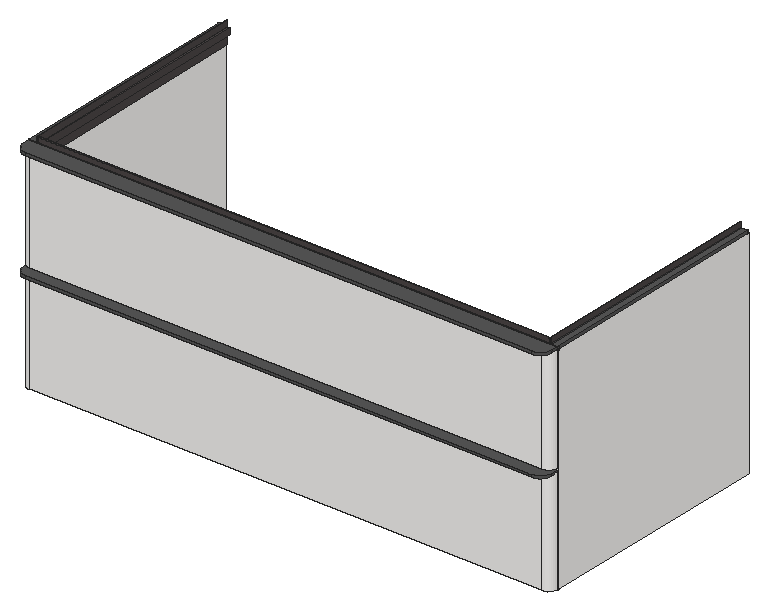
Revit family "vanity unit with 2 drawers for consoles with bowl", category Furniture, Revit 2019 (continued)
Definition of nested family "vanity unit 1180_550 with 2 drawers for consoles with bowl-54082000-high gloss white-chrome-200_content"
  Forms (mm)
    Extrusion 7, solid, visible <- "ContentVisible", detail levels medium+fine
      sketch origin (0, 0, 480) x (1, 0, 0) y (0, 1, 0)
        loop
          line (574, 0) -> (574, -530) -> (590, -530) -> (590, 0) -> (574, 0)
      from 0 to 5
    Extrusion 8, solid, visible <- "ContentVisible", detail levels medium+fine
      sketch origin (0, 0, 0) x (1, 0, 0) y (0, 0, -1)
        loop
          line (-572.5, -447) -> (-572.5, -496) -> (-566.4, -496) -> (-566.4, -447) -> (-572.5, -447)
      from -528.5 to 0
    Extrusion 9, solid, visible <- "ContentVisible", detail levels medium+fine
      sketch origin (0, 0, 0) x (1, 0, 0) y (0, 0, -1)
        loop
          line (566.4, -447) -> (566.4, -496) -> (572.5, -496) -> (572.5, -447) -> (566.4, -447)
      from -528.5 to 0
    Extrusion 10, solid, visible <- "ContentVisible", detail levels medium+fine
      sketch origin (0, 0, 0) x (0, 0, -1) y (0, 1, 0)
        loop
          line (-496, -528.5) -> (-447, -528.5) -> (-447, -522.4) -> (-496, -522.4) -> (-496, -528.5)
      from -572.5 to 572.5
    Extrusion 11, solid, visible <- "ContentVisible", detail levels coarse
      sketch origin (0, -285.5, 0) x (1, 0, 0) y (0, 1, 0)
        loop
          line (-590, -285.5) -> (590, -285.5) -> (590, 285.5) -> (-590, 285.5) -> (-590, -285.5)
      from 0 to 496
  Dimensions and locks
    aligned and locked: level to plane 2
Definition of nested family "vanity unit 1180_550 with 2 drawers for consoles with bowl-54082000-high gloss white-chrome-400_content"
  Parameters (values of type "Vanity unit 1180_550 with 2 drawers for consoles with bowl-54082000-High Gloss White-CHROME-400_Content")
    etim7_EC011381 = "EC011381"
    WEIGHT = "42.7"
    UNSPSC = "56 | Furniture and Furnishings"
    UNIFORMATII = "E2010 | Fixed Furnishings"
    UNICLASS_2015_CODE = "40_30_78_05"
    UNICLASS2015 = "Pr_40_30_78_05 | Bathroom furniture"
    SURFACE = "CHROME"
    REGIONSET = "Worldwide"
    PRODUCTURL = "https://pro.hansgrohe.com/articledetail--54082000"
    PRODUCTGROUP = "vanity unit"
    PRODUCTFAMILY = "Xelu Q"
    PERMALINK = "54082XXX"
    OMNICLASS = "23-21 19 15 33 13 | Residential Bathroom Specialty Casework"
    OBJECTTYPE = "Object (single object)"
    OBERFLAECHE = "High Gloss White"
    NN = "Vanity unit with 2 drawers for consoles with bowl"
    NBSYN = "$BASENUMBER.-$ARTNR.-$OBERFLAECHE.-$SURFACE.-$LODLEVEL."
    NB = "Vanity unit 1180/550 with 2 drawers for consoles with bowl-54082000-High Gloss White-CHROME-400"
    NAME = "Xelu Q Vanity unit High Gloss White 1180/550 with 2 drawers for consoles with bowl"
    Model = "Vanity unit 1180/550 with 2 drawers for consoles with bowl-54082000-High Gloss White-CHROME-400"
    Manufacturer = "Hansgrohe"
    MASTERFORMAT = "12 35 30.23 | Bathroom Casework"
    LODLEVEL = "400"
    LINA = "Vanity unit 1180/550 with 2 drawers for consoles with bowl-54082000-High Gloss White-CHROME-400"
    L = 1180
    IFC = "Furnishing element"
    GTINCODE = "4059625456699"
    ETIM = "EC011381 | Bathroom furniture set"
    Default Elevation = 1219.2 mm
    DESIGN = "Germany"
    ContentVisible [instance] = yes
    CATALOG = "Hansgrohe"
    BIMOBJECT = "Sanitary: Compound units"
    BASENUMBER = "Vanity unit 1180/550 with 2 drawers for consoles with bowl"
    ARTNR = "54082000"
  Reference planes
    plane 1 "Center (Front/Back)": y = 0
    plane 2: z = 0
    plane 3 "Center (Left/Right)": x = 0
  Forms (mm)
    Extrusion 1, solid, visible <- "ContentVisible", detail levels medium+fine
      sketch origin (0, 0, 0) x (1, 0, 0) y (0, 1, 0)
        loop
          line (-590, 0) -> (-590, -527)
          arc (-590, -527) -> (-589.121, -529.121) -> (-587, -530) r 3
          line (-587, -530) -> (-574, -530) -> (-574, 0) -> (-590, 0)
      from 0 to 480
    Extrusion 2, solid, visible <- "ContentVisible", detail levels medium+fine
      sketch origin (0, 0, 0) x (1, 0, 0) y (0, 1, 0)
        loop
          line (-574, -133) -> (-574, -499.5) -> (574, -499.5) -> (574, -133) -> (-574, -133)
      from 0 to 16
    Extrusion 3, solid, visible <- "ContentVisible", detail levels medium+fine
      sketch origin (0, 0, 0) x (1, 0, 0) y (0, 1, 0)
        loop
          line (574, 0) -> (574, -530) -> (587, -530)
          arc (587, -530) -> (589.121, -529.121) -> (590, -527) r 3
          line (590, -527) -> (590, 0) -> (574, 0)
      from 0 to 480
    Extrusion 4, solid, visible <- "ContentVisible", detail levels medium+fine
      sketch origin (0, 0, 0) x (1, 0, 0) y (0, 1, 0)
        loop
          line (-574, -117) -> (-574, -133) -> (574, -133) -> (574, -117) -> (-574, -117)
      from 0 to 126
    Extrusion 5, solid, visible <- "ContentVisible", detail levels medium+fine
      sketch origin (0, 0, 2) x (1, 0, 0) y (0, 1, 0)
        loop
          arc (-590, -532) -> (-584.435, -545.435) -> (-571, -551) r 19
          line (-571, -551) -> (571, -551)
          arc (571, -551) -> (584.435, -545.435) -> (590, -532) r 19
          line (590, -532) -> (590, -530) -> (-590, -530) -> (-590, -532)
      from 0 to 234
    Extrusion 6, solid, visible <- "ContentVisible", detail levels medium+fine
      sketch origin (0, 0, 234) x (1, 0, 0) y (0, 1, 0)
        loop
          line (-588.5, -530) -> (-588.5, -546)
          arc (-588.5, -546) -> (-581.178, -563.678) -> (-563.5, -571) r 25
          line (-563.5, -571) -> (563.5, -571)
          arc (563.5, -571) -> (581.178, -563.678) -> (588.5, -546) r 25
          line (588.5, -546) -> (588.5, -530) -> (568.5, -530) -> (568.5, -528.5) -> (-568.5, -528.5) -> (-568.5, -530) -> (-588.5, -530)
      from 0 to 5
    Extrusion 7, solid, visible <- "ContentVisible", detail levels medium+fine
      sketch origin (0, 0, 0) x (0, 0, -1) y (0, 1, 0)
        loop
          line (-239, -528.5) -> (-239, -530) -> (-209, -530) -> (-209, -528.5) -> (-239, -528.5)
      from -568.5 to 568.5
    Extrusion 8, solid, visible <- "ContentVisible", detail levels medium+fine
      sketch origin (0, 0, 245) x (1, 0, 0) y (0, 1, 0)
        loop
          arc (-590, -532) -> (-584.435, -545.435) -> (-571, -551) r 19
          line (-571, -551) -> (571, -551)
          arc (571, -551) -> (584.435, -545.435) -> (590, -532) r 19
          line (590, -532) -> (590, -530) -> (-590, -530) -> (-590, -532)
      from 0 to 235
    Extrusion 9, solid, visible <- "ContentVisible", detail levels medium+fine
      sketch origin (0, 0, 480) x (1, 0, 0) y (0, 1, 0)
        loop
          line (-588.5, -530) -> (-588.5, -546)
          arc (-588.5, -546) -> (-581.178, -563.678) -> (-563.5, -571) r 25
          line (-563.5, -571) -> (563.5, -571)
          arc (563.5, -571) -> (581.178, -563.678) -> (588.5, -546) r 25
          line (588.5, -546) -> (588.5, -530) -> (568.5, -530) -> (568.5, -528.5) -> (-568.5, -528.5) -> (-568.5, -530) -> (-588.5, -530)
      from 0 to 5
    Extrusion 10, solid, visible <- "ContentVisible", detail levels medium+fine
      sketch origin (0, 0, 0) x (0, 0, -1) y (0, 1, 0)
        loop
          line (-485, -528.5) -> (-485, -530) -> (-455, -530) -> (-455, -528.5) -> (-485, -528.5)
      from -568.5 to 568.5
    Extrusion 11, solid, visible <- "ContentVisible", detail levels medium+fine
      sketch origin (0, 0, 0) x (1, 0, 0) y (0, 0, -1)
        loop
          line (-574, -447) -> (-574, -485) -> (-572.5, -485) -> (-572.5, -447) -> (-574, -447)
      from -530 to 0
    Extrusion 12, solid, visible <- "ContentVisible", detail levels medium+fine
      sketch origin (0, 0, 0) x (1, 0, 0) y (0, 0, -1)
        loop
          line (572.5, -446.8) -> (572.5, -485) -> (574, -485) -> (574, -446.8) -> (572.5, -446.8)
      from -530 to 0
    Extrusion 13, solid, visible <- "ContentVisible", detail levels medium+fine
      sketch origin (0, 0, 480) x (1, 0, 0) y (0, 1, 0)
        loop
          line (-590, -3) -> (-590, -527)
          arc (-590, -527) -> (-589.121, -529.121) -> (-587, -530) r 3
          line (-587, -530) -> (-574, -530) -> (-574, 0) -> (-587, 0)
          arc (-587, 0) -> (-589.121, -0.879) -> (-590, -3) r 3
      from 0 to 5
    Extrusion 14, solid, visible <- "ContentVisible", detail levels medium+fine
      sketch origin (0, 0, 480) x (1, 0, 0) y (0, 1, 0)
        loop
          line (574, 0) -> (574, -530) -> (587, -530)
          arc (587, -530) -> (589.121, -529.121) -> (590, -527) r 3
          line (590, -527) -> (590, -3)
          arc (590, -3) -> (589.121, -0.879) -> (587, 0) r 3
          line (587, 0) -> (574, 0)
      from 0 to 5
    Extrusion 15, solid, visible <- "ContentVisible", detail levels medium+fine
      sketch origin (0, 0, 0) x (1, 0, 0) y (0, 0, -1)
        loop
          line (-572.5, -447) -> (-572.5, -496) -> (-571, -496) -> (-571, -483) -> (-566.4, -483) -> (-566.4, -468.5) -> (-571, -468.5) -> (-571, -447) -> (-572.5, -447)
      from -528.5 to 0
    Extrusion 16, solid, visible <- "ContentVisible", detail levels medium+fine
      sketch origin (0, 0, 0) x (1, 0, 0) y (0, 0, -1)
        loop
          line (566.4, -468.5) -> (566.4, -483) -> (571, -483) -> (571, -496) -> (572.5, -496) -> (572.5, -447) -> (571, -447) -> (571, -468.5) -> (566.4, -468.5)
      from -528.5 to 0
    Extrusion 17, solid, visible <- "ContentVisible", detail levels medium+fine
      sketch origin (0, 0, 0) x (0, 0, -1) y (0, 1, 0)
        loop
          line (-496, -528.5) -> (-447, -528.5) -> (-447, -527) -> (-468.5, -527) -> (-468.5, -522.4) -> (-483, -522.4) -> (-483, -527) -> (-496, -527) -> (-496, -528.5)
      from -572.5 to 572.5
    Extrusion 18, solid, visible <- "ContentVisible", detail levels coarse
      sketch origin (0, -285.5, 0) x (1, 0, 0) y (0, 1, 0)
        loop
          line (-590, -285.5) -> (590, -285.5) -> (590, 285.5) -> (-590, 285.5) -> (-590, -285.5)
      from 0 to 496
  Dimensions and locks
    aligned and locked: level to plane 2
Definition of nested family "vanity unit 1180_550 with 2 drawers for consoles with bowl-54082670-high gloss white-matt_black-200_content"
  Parameters (values of type "Vanity unit 1180_550 with 2 drawers for consoles with bowl-54082670-High Gloss White-MATT_BLACK-200_Content")
    etim7_EC011381 = "EC011381"
    WEIGHT = "42.7"
    UNSPSC = "56 | Furniture and Furnishings"
    UNIFORMATII = "E2010 | Fixed Furnishings"
    UNICLASS_2015_CODE = "40_30_78_05"
    UNICLASS2015 = "Pr_40_30_78_05 | Bathroom furniture"
    SURFACE = "MATT_BLACK"
    REGIONSET = "Worldwide"
    PRODUCTURL = "https://pro.hansgrohe.com/articledetail--54082000"
    PRODUCTGROUP = "vanity unit"
    PRODUCTFAMILY = "Xelu Q"
    PERMALINK = "54082XXX"
    OMNICLASS = "23-21 19 15 33 13 | Residential Bathroom Specialty Casework"
    OBJECTTYPE = "Object (single object)"
    OBERFLAECHE = "High Gloss White"
    NN = "Vanity unit with 2 drawers for consoles with bowl"
    NBSYN = "$BASENUMBER.-$ARTNR.-$OBERFLAECHE.-$SURFACE.-$LODLEVEL."
    NB = "Vanity unit 1180/550 with 2 drawers for consoles with bowl-54082670-High Gloss White-MATT_BLACK-200"
    NAME = "Xelu Q Vanity unit High Gloss White 1180/550 with 2 drawers for consoles with bowl"
    Model = "Vanity unit 1180/550 with 2 drawers for consoles with bowl-54082670-High Gloss White-MATT_BLACK-200"
    Manufacturer = "Hansgrohe"
    MASTERFORMAT = "12 35 30.23 | Bathroom Casework"
    LODLEVEL = "200"
    LINA = "Vanity unit 1180/550 with 2 drawers for consoles with bowl-54082670-High Gloss White-MATT_BLACK-200"
    L = 1180
    IFC = "Furnishing element"
    GTINCODE = "4059625456699"
    ETIM = "EC011381 | Bathroom furniture set"
    Default Elevation = 1219.2 mm
    DESIGN = "Germany"
    ContentVisible [instance] = yes
    CATALOG = "Hansgrohe"
    BIMOBJECT = "Sanitary: Compound units"
    BASENUMBER = "Vanity unit 1180/550 with 2 drawers for consoles with bowl"
    ARTNR = "54082670"
  Reference planes
    plane 1 "Center (Front/Back)": y = 0
    plane 2: z = 0
    plane 3 "Center (Left/Right)": x = 0
  Forms (mm)
    Extrusion 1, solid, visible <- "ContentVisible", detail levels medium+fine
      sketch origin (0, 0, 0) x (1, 0, 0) y (0, 1, 0)
        loop
          line (-590, 0) -> (-590, -551) -> (590, -551) -> (590, 0) -> (574, 0) -> (574, -117) -> (-574, -117) -> (-574, 0) -> (-590, 0)
      from 0 to 480
    Extrusion 2, solid, visible <- "ContentVisible", detail levels medium+fine
      sketch origin (0, 0, 234) x (1, 0, 0) y (0, 1, 0)
        loop
          line (-588.5, -528.5) -> (-588.5, -571) -> (588.5, -571) -> (588.5, -528.5) -> (-588.5, -528.5)
      from 0 to 5
    Extrusion 3, solid, visible <- "ContentVisible", detail levels medium+fine
      sketch origin (0, 0, 480) x (1, 0, 0) y (0, 1, 0)
        loop
          line (-588.5, -528.5) -> (-588.5, -571) -> (588.5, -571) -> (588.5, -528.5) -> (-588.5, -528.5)
      from 0 to 5
    Extrusion 4, solid, visible <- "ContentVisible", detail levels medium+fine
      sketch origin (0, 0, 0) x (1, 0, 0) y (0, 0, -1)
        loop
          line (-574, -447) -> (-574, -485) -> (-572.5, -485) -> (-572.5, -447) -> (-574, -447)
      from -530 to 0
    Extrusion 5, solid, visible <- "ContentVisible", detail levels medium+fine
      sketch origin (0, 0, 0) x (1, 0, 0) y (0, 0, -1)
        loop
          line (572.5, -446.8) -> (572.5, -485) -> (574, -485) -> (574, -446.8) -> (572.5, -446.8)
      from -530 to 0
    Extrusion 6, solid, visible <- "ContentVisible", detail levels medium+fine
      sketch origin (0, 0, 480) x (1, 0, 0) y (0, 1, 0)
        loop
          line (-590, 0) -> (-590, -530) -> (-574, -530) -> (-574, 0) -> (-590, 0)
      from 0 to 5
    Extrusion 7, solid, visible <- "ContentVisible", detail levels medium+fine
      sketch origin (0, 0, 480) x (1, 0, 0) y (0, 1, 0)
        loop
          line (574, 0) -> (574, -530) -> (590, -530) -> (590, 0) -> (574, 0)
      from 0 to 5
    Extrusion 8, solid, visible <- "ContentVisible", detail levels medium+fine
      sketch origin (0, 0, 0) x (1, 0, 0) y (0, 0, -1)
        loop
          line (-572.5, -447) -> (-572.5, -496) -> (-566.4, -496) -> (-566.4, -447) -> (-572.5, -447)
      from -528.5 to 0
    Extrusion 9, solid, visible <- "ContentVisible", detail levels medium+fine
      sketch origin (0, 0, 0) x (1, 0, 0) y (0, 0, -1)
        loop
          line (566.4, -447) -> (566.4, -496) -> (572.5, -496) -> (572.5, -447) -> (566.4, -447)
      from -528.5 to 0
    Extrusion 10, solid, visible <- "ContentVisible", detail levels medium+fine
      sketch origin (0, 0, 0) x (0, 0, -1) y (0, 1, 0)
        loop
          line (-496, -528.5) -> (-447, -528.5) -> (-447, -522.4) -> (-496, -522.4) -> (-496, -528.5)
      from -572.5 to 572.5
    Extrusion 11, solid, visible <- "ContentVisible", detail levels coarse
      sketch origin (0, -285.5, 0) x (1, 0, 0) y (0, 1, 0)
        loop
          line (-590, -285.5) -> (590, -285.5) -> (590, 285.5) -> (-590, 285.5) -> (-590, -285.5)
      from 0 to 496
  Dimensions and locks
    aligned and locked: level to plane 2
Definition of nested family "vanity unit 1180_550 with 2 drawers for consoles with bowl-54082700-high gloss white-matt_white-200_content"
  Parameters (values of type "Vanity unit 1180_550 with 2 drawers for consoles with bowl-54082700-High Gloss White-MATT_WHITE-200_Content")
    etim7_EC011381 = "EC011381"
    WEIGHT = "42.7"
    UNSPSC = "56 | Furniture and Furnishings"
    UNIFORMATII = "E2010 | Fixed Furnishings"
    UNICLASS_2015_CODE = "40_30_78_05"
    UNICLASS2015 = "Pr_40_30_78_05 | Bathroom furniture"
    SURFACE = "MATT_WHITE"
    REGIONSET = "Worldwide"
    PRODUCTURL = "https://pro.hansgrohe.com/articledetail--54082000"
    PRODUCTGROUP = "vanity unit"
    PRODUCTFAMILY = "Xelu Q"
    PERMALINK = "54082XXX"
    OMNICLASS = "23-21 19 15 33 13 | Residential Bathroom Specialty Casework"
    OBJECTTYPE = "Object (single object)"
    OBERFLAECHE = "High Gloss White"
    NN = "Vanity unit with 2 drawers for consoles with bowl"
    NBSYN = "$BASENUMBER.-$ARTNR.-$OBERFLAECHE.-$SURFACE.-$LODLEVEL."
    NB = "Vanity unit 1180/550 with 2 drawers for consoles with bowl-54082700-High Gloss White-MATT_WHITE-200"
    NAME = "Xelu Q Vanity unit High Gloss White 1180/550 with 2 drawers for consoles with bowl"
    Model = "Vanity unit 1180/550 with 2 drawers for consoles with bowl-54082700-High Gloss White-MATT_WHITE-200"
    Manufacturer = "Hansgrohe"
    MASTERFORMAT = "12 35 30.23 | Bathroom Casework"
    LODLEVEL = "200"
    LINA = "Vanity unit 1180/550 with 2 drawers for consoles with bowl-54082700-High Gloss White-MATT_WHITE-200"
    L = 1180
    IFC = "Furnishing element"
    GTINCODE = "4059625456699"
    ETIM = "EC011381 | Bathroom furniture set"
    Default Elevation = 1219.2 mm
    DESIGN = "Germany"
    ContentVisible [instance] = yes
    CATALOG = "Hansgrohe"
    BIMOBJECT = "Sanitary: Compound units"
    BASENUMBER = "Vanity unit 1180/550 with 2 drawers for consoles with bowl"
    ARTNR = "54082700"
  Reference planes
    plane 1 "Center (Front/Back)": y = 0
    plane 2: z = 0
    plane 3 "Center (Left/Right)": x = 0
  Forms (mm)
    Extrusion 1, solid, visible <- "ContentVisible", detail levels medium+fine
      sketch origin (0, 0, 0) x (1, 0, 0) y (0, 1, 0)
        loop
          line (-590, 0) -> (-590, -551) -> (590, -551) -> (590, 0) -> (574, 0) -> (574, -117) -> (-574, -117) -> (-574, 0) -> (-590, 0)
      from 0 to 480
    Extrusion 2, solid, visible <- "ContentVisible", detail levels medium+fine
      sketch origin (0, 0, 234) x (1, 0, 0) y (0, 1, 0)
        loop
          line (-588.5, -528.5) -> (-588.5, -571) -> (588.5, -571) -> (588.5, -528.5) -> (-588.5, -528.5)
      from 0 to 5
    Extrusion 3, solid, visible <- "ContentVisible", detail levels medium+fine
      sketch origin (0, 0, 480) x (1, 0, 0) y (0, 1, 0)
        loop
          line (-588.5, -528.5) -> (-588.5, -571) -> (588.5, -571) -> (588.5, -528.5) -> (-588.5, -528.5)
      from 0 to 5
    Extrusion 4, solid, visible <- "ContentVisible", detail levels medium+fine
      sketch origin (0, 0, 0) x (1, 0, 0) y (0, 0, -1)
        loop
          line (-574, -447) -> (-574, -485) -> (-572.5, -485) -> (-572.5, -447) -> (-574, -447)
      from -530 to 0
    Extrusion 5, solid, visible <- "ContentVisible", detail levels medium+fine
      sketch origin (0, 0, 0) x (1, 0, 0) y (0, 0, -1)
        loop
          line (572.5, -446.8) -> (572.5, -485) -> (574, -485) -> (574, -446.8) -> (572.5, -446.8)
      from -530 to 0
    Extrusion 6, solid, visible <- "ContentVisible", detail levels medium+fine
      sketch origin (0, 0, 480) x (1, 0, 0) y (0, 1, 0)
        loop
          line (-590, 0) -> (-590, -530) -> (-574, -530) -> (-574, 0) -> (-590, 0)
      from 0 to 5
    Extrusion 7, solid, visible <- "ContentVisible", detail levels medium+fine
      sketch origin (0, 0, 480) x (1, 0, 0) y (0, 1, 0)
        loop
          line (574, 0) -> (574, -530) -> (590, -530) -> (590, 0) -> (574, 0)
      from 0 to 5
    Extrusion 8, solid, visible <- "ContentVisible", detail levels medium+fine
      sketch origin (0, 0, 0) x (1, 0, 0) y (0, 0, -1)
        loop
          line (-572.5, -447) -> (-572.5, -496) -> (-566.4, -496) -> (-566.4, -447) -> (-572.5, -447)
      from -528.5 to 0
    Extrusion 9, solid, visible <- "ContentVisible", detail levels medium+fine
      sketch origin (0, 0, 0) x (1, 0, 0) y (0, 0, -1)
        loop
          line (566.4, -447) -> (566.4, -496) -> (572.5, -496) -> (572.5, -447) -> (566.4, -447)
      from -528.5 to 0
    Extrusion 10, solid, visible <- "ContentVisible", detail levels medium+fine
      sketch origin (0, 0, 0) x (0, 0, -1) y (0, 1, 0)
        loop
          line (-496, -528.5) -> (-447, -528.5) -> (-447, -522.4) -> (-496, -522.4) -> (-496, -528.5)
      from -572.5 to 572.5
    Extrusion 11, solid, visible <- "ContentVisible", detail levels coarse
      sketch origin (0, -285.5, 0) x (1, 0, 0) y (0, 1, 0)
        loop
          line (-590, -285.5) -> (590, -285.5) -> (590, 285.5) -> (-590, 285.5) -> (-590, -285.5)
      from 0 to 496
  Dimensions and locks
    aligned and locked: level to plane 2
Definition of nested family "vanity unit 1180_550 with 2 drawers for consoles with bowl-54082700-high gloss white-matt_white-400_content"
  Parameters (values of type "Vanity unit 1180_550 with 2 drawers for consoles with bowl-54082700-High Gloss White-MATT_WHITE-400_Content")
    etim7_EC011381 = "EC011381"
    WEIGHT = "42.7"
    UNSPSC = "56 | Furniture and Furnishings"
    UNIFORMATII = "E2010 | Fixed Furnishings"
    UNICLASS_2015_CODE = "40_30_78_05"
    UNICLASS2015 = "Pr_40_30_78_05 | Bathroom furniture"
    SURFACE = "MATT_WHITE"
    REGIONSET = "Worldwide"
    PRODUCTURL = "https://pro.hansgrohe.com/articledetail--54082000"
    PRODUCTGROUP = "vanity unit"
    PRODUCTFAMILY = "Xelu Q"
    PERMALINK = "54082XXX"
    OMNICLASS = "23-21 19 15 33 13 | Residential Bathroom Specialty Casework"
    OBJECTTYPE = "Object (single object)"
    OBERFLAECHE = "High Gloss White"
    NN = "Vanity unit with 2 drawers for consoles with bowl"
    NBSYN = "$BASENUMBER.-$ARTNR.-$OBERFLAECHE.-$SURFACE.-$LODLEVEL."
    NB = "Vanity unit 1180/550 with 2 drawers for consoles with bowl-54082700-High Gloss White-MATT_WHITE-400"
    NAME = "Xelu Q Vanity unit High Gloss White 1180/550 with 2 drawers for consoles with bowl"
    Model = "Vanity unit 1180/550 with 2 drawers for consoles with bowl-54082700-High Gloss White-MATT_WHITE-400"
    Manufacturer = "Hansgrohe"
    MASTERFORMAT = "12 35 30.23 | Bathroom Casework"
    LODLEVEL = "400"
    LINA = "Vanity unit 1180/550 with 2 drawers for consoles with bowl-54082700-High Gloss White-MATT_WHITE-400"
    L = 1180
    IFC = "Furnishing element"
    GTINCODE = "4059625456699"
    ETIM = "EC011381 | Bathroom furniture set"
    Default Elevation = 1219.2 mm
    DESIGN = "Germany"
    ContentVisible [instance] = yes
    CATALOG = "Hansgrohe"
    BIMOBJECT = "Sanitary: Compound units"
    BASENUMBER = "Vanity unit 1180/550 with 2 drawers for consoles with bowl"
    ARTNR = "54082700"
  Reference planes
    plane 1 "Center (Front/Back)": y = 0
    plane 2: z = 0
    plane 3 "Center (Left/Right)": x = 0
  Forms (mm)
    Extrusion 1, solid, visible <- "ContentVisible", detail levels medium+fine
      sketch origin (0, 0, 0) x (1, 0, 0) y (0, 1, 0)
        loop
          line (-590, 0) -> (-590, -527)
          arc (-590, -527) -> (-589.121, -529.121) -> (-587, -530) r 3
          line (-587, -530) -> (-574, -530) -> (-574, 0) -> (-590, 0)
      from 0 to 480
    Extrusion 2, solid, visible <- "ContentVisible", detail levels medium+fine
      sketch origin (0, 0, 0) x (1, 0, 0) y (0, 1, 0)
        loop
          line (-574, -133) -> (-574, -499.5) -> (574, -499.5) -> (574, -133) -> (-574, -133)
      from 0 to 16
    Extrusion 3, solid, visible <- "ContentVisible", detail levels medium+fine
      sketch origin (0, 0, 0) x (1, 0, 0) y (0, 1, 0)
        loop
          line (574, 0) -> (574, -530) -> (587, -530)
          arc (587, -530) -> (589.121, -529.121) -> (590, -527) r 3
          line (590, -527) -> (590, 0) -> (574, 0)
      from 0 to 480
    Extrusion 4, solid, visible <- "ContentVisible", detail levels medium+fine
      sketch origin (0, 0, 0) x (1, 0, 0) y (0, 1, 0)
        loop
          line (-574, -117) -> (-574, -133) -> (574, -133) -> (574, -117) -> (-574, -117)
      from 0 to 126
    Extrusion 5, solid, visible <- "ContentVisible", detail levels medium+fine
      sketch origin (0, 0, 2) x (1, 0, 0) y (0, 1, 0)
        loop
          arc (-590, -532) -> (-584.435, -545.435) -> (-571, -551) r 19
          line (-571, -551) -> (571, -551)
          arc (571, -551) -> (584.435, -545.435) -> (590, -532) r 19
          line (590, -532) -> (590, -530) -> (-590, -530) -> (-590, -532)
      from 0 to 234
    Extrusion 6, solid, visible <- "ContentVisible", detail levels medium+fine
      sketch origin (0, 0, 234) x (1, 0, 0) y (0, 1, 0)
        loop
          line (-588.5, -530) -> (-588.5, -546)
          arc (-588.5, -546) -> (-581.178, -563.678) -> (-563.5, -571) r 25
          line (-563.5, -571) -> (563.5, -571)
          arc (563.5, -571) -> (581.178, -563.678) -> (588.5, -546) r 25
          line (588.5, -546) -> (588.5, -530) -> (568.5, -530) -> (568.5, -528.5) -> (-568.5, -528.5) -> (-568.5, -530) -> (-588.5, -530)
      from 0 to 5
    Extrusion 7, solid, visible <- "ContentVisible", detail levels medium+fine
      sketch origin (0, 0, 0) x (0, 0, -1) y (0, 1, 0)
        loop
          line (-239, -528.5) -> (-239, -530) -> (-209, -530) -> (-209, -528.5) -> (-239, -528.5)
      from -568.5 to 568.5
    Extrusion 8, solid, visible <- "ContentVisible", detail levels medium+fine
      sketch origin (0, 0, 245) x (1, 0, 0) y (0, 1, 0)
        loop
          arc (-590, -532) -> (-584.435, -545.435) -> (-571, -551) r 19
          line (-571, -551) -> (571, -551)
          arc (571, -551) -> (584.435, -545.435) -> (590, -532) r 19
          line (590, -532) -> (590, -530) -> (-590, -530) -> (-590, -532)
      from 0 to 235
    Extrusion 9, solid, visible <- "ContentVisible", detail levels medium+fine
      sketch origin (0, 0, 480) x (1, 0, 0) y (0, 1, 0)
        loop
          line (-588.5, -530) -> (-588.5, -546)
          arc (-588.5, -546) -> (-581.178, -563.678) -> (-563.5, -571) r 25
          line (-563.5, -571) -> (563.5, -571)
          arc (563.5, -571) -> (581.178, -563.678) -> (588.5, -546) r 25
          line (588.5, -546) -> (588.5, -530) -> (568.5, -530) -> (568.5, -528.5) -> (-568.5, -528.5) -> (-568.5, -530) -> (-588.5, -530)
      from 0 to 5
    Extrusion 10, solid, visible <- "ContentVisible", detail levels medium+fine
      sketch origin (0, 0, 0) x (0, 0, -1) y (0, 1, 0)
        loop
          line (-485, -528.5) -> (-485, -530) -> (-455, -530) -> (-455, -528.5) -> (-485, -528.5)
      from -568.5 to 568.5
    Extrusion 11, solid, visible <- "ContentVisible", detail levels medium+fine
      sketch origin (0, 0, 0) x (1, 0, 0) y (0, 0, -1)
        loop
          line (-574, -447) -> (-574, -485) -> (-572.5, -485) -> (-572.5, -447) -> (-574, -447)
      from -530 to 0
    Extrusion 12, solid, visible <- "ContentVisible", detail levels medium+fine
      sketch origin (0, 0, 0) x (1, 0, 0) y (0, 0, -1)
        loop
          line (572.5, -446.8) -> (572.5, -485) -> (574, -485) -> (574, -446.8) -> (572.5, -446.8)
      from -530 to 0
    Extrusion 13, solid, visible <- "ContentVisible", detail levels medium+fine
      sketch origin (0, 0, 480) x (1, 0, 0) y (0, 1, 0)
        loop
          line (-590, -3) -> (-590, -527)
          arc (-590, -527) -> (-589.121, -529.121) -> (-587, -530) r 3
          line (-587, -530) -> (-574, -530) -> (-574, 0) -> (-587, 0)
          arc (-587, 0) -> (-589.121, -0.879) -> (-590, -3) r 3
      from 0 to 5
    Extrusion 14, solid, visible <- "ContentVisible", detail levels medium+fine
      sketch origin (0, 0, 480) x (1, 0, 0) y (0, 1, 0)
        loop
          line (574, 0) -> (574, -530) -> (587, -530)
          arc (587, -530) -> (589.121, -529.121) -> (590, -527) r 3
          line (590, -527) -> (590, -3)
          arc (590, -3) -> (589.121, -0.879) -> (587, 0) r 3
          line (587, 0) -> (574, 0)
      from 0 to 5
    Extrusion 15, solid, visible <- "ContentVisible", detail levels medium+fine
      sketch origin (0, 0, 0) x (1, 0, 0) y (0, 0, -1)
        loop
          line (-572.5, -447) -> (-572.5, -496) -> (-571, -496) -> (-571, -483) -> (-566.4, -483) -> (-566.4, -468.5) -> (-571, -468.5) -> (-571, -447) -> (-572.5, -447)
      from -528.5 to 0
    Extrusion 16, solid, visible <- "ContentVisible", detail levels medium+fine
      sketch origin (0, 0, 0) x (1, 0, 0) y (0, 0, -1)
        loop
          line (566.4, -468.5) -> (566.4, -483) -> (571, -483) -> (571, -496) -> (572.5, -496) -> (572.5, -447) -> (571, -447) -> (571, -468.5) -> (566.4, -468.5)
      from -528.5 to 0
    Extrusion 17, solid, visible <- "ContentVisible", detail levels medium+fine
      sketch origin (0, 0, 0) x (0, 0, -1) y (0, 1, 0)
        loop
          line (-496, -528.5) -> (-447, -528.5) -> (-447, -527) -> (-468.5, -527) -> (-468.5, -522.4) -> (-483, -522.4) -> (-483, -527) -> (-496, -527) -> (-496, -528.5)
      from -572.5 to 572.5
    Extrusion 18, solid, visible <- "ContentVisible", detail levels coarse
      sketch origin (0, -285.5, 0) x (1, 0, 0) y (0, 1, 0)
        loop
          line (-590, -285.5) -> (590, -285.5) -> (590, 285.5) -> (-590, 285.5) -> (-590, -285.5)
      from 0 to 496
  Dimensions and locks
    aligned and locked: level to plane 2
Definition of nested family "vanity unit 1180_550 with 2 drawers for consoles with bowl-54083000-diamond matt grey-chrome-200_content"
  Parameters (values of type "Vanity unit 1180_550 with 2 drawers for consoles with bowl-54083000-Diamond Matt Grey-CHROME-200_Content")
    etim7_EC011381 = "EC011381"
    WEIGHT = "42.7"
    UNSPSC = "56 | Furniture and Furnishings"
    UNIFORMATII = "E2010 | Fixed Furnishings"
    UNICLASS_2015_CODE = "40_30_78_05"
    UNICLASS2015 = "Pr_40_30_78_05 | Bathroom furniture"
    SURFACE = "CHROME"
    REGIONSET = "Worldwide"
    PRODUCTURL = "https://pro.hansgrohe.com/articledetail--54083000"
    PRODUCTGROUP = "vanity unit"
    PRODUCTFAMILY = "Xelu Q"
    PERMALINK = "54083XXX"
    OMNICLASS = "23-21 19 15 33 13 | Residential Bathroom Specialty Casework"
    OBJECTTYPE = "Object (single object)"
    OBERFLAECHE = "Diamond Matt Grey"
    NN = "Vanity unit with 2 drawers for consoles with bowl"
    NBSYN = "$BASENUMBER.-$ARTNR.-$OBERFLAECHE.-$SURFACE.-$LODLEVEL."
    NB = "Vanity unit 1180/550 with 2 drawers for consoles with bowl-54083000-Diamond Matt Grey-CHROME-200"
    NAME = "Xelu Q Vanity unit Diamond Matt Grey 1180/550 with 2 drawers for consoles with bowl"
    Model = "Vanity unit 1180/550 with 2 drawers for consoles with bowl-54083000-Diamond Matt Grey-CHROME-200"
    Manufacturer = "Hansgrohe"
    MASTERFORMAT = "12 35 30.23 | Bathroom Casework"
    LODLEVEL = "200"
    LINA = "Vanity unit 1180/550 with 2 drawers for consoles with bowl-54083000-Diamond Matt Grey-CHROME-200"
    L = 1180
    IFC = "Furnishing element"
    GTINCODE = "4059625456668"
    ETIM = "EC011381 | Bathroom furniture set"
    Default Elevation = 1219.2 mm
    DESIGN = "Germany"
    ContentVisible [instance] = yes
    CATALOG = "Hansgrohe"
    BIMOBJECT = "Sanitary: Compound units"
    BASENUMBER = "Vanity unit 1180/550 with 2 drawers for consoles with bowl"
    ARTNR = "54083000"
  Reference planes
    plane 1 "Center (Front/Back)": y = 0
    plane 2: z = 0
    plane 3 "Center (Left/Right)": x = 0
  Forms (mm)
    Extrusion 1, solid, visible <- "ContentVisible", detail levels medium+fine
      sketch origin (0, 0, 0) x (1, 0, 0) y (0, 1, 0)
        loop
          line (-590, 0) -> (-590, -551) -> (590, -551) -> (590, 0) -> (574, 0) -> (574, -117) -> (-574, -117) -> (-574, 0) -> (-590, 0)
      from 0 to 480
    Extrusion 2, solid, visible <- "ContentVisible", detail levels medium+fine
      sketch origin (0, 0, 234) x (1, 0, 0) y (0, 1, 0)
        loop
          line (-588.5, -528.5) -> (-588.5, -571) -> (588.5, -571) -> (588.5, -528.5) -> (-588.5, -528.5)
      from 0 to 5
    Extrusion 3, solid, visible <- "ContentVisible", detail levels medium+fine
      sketch origin (0, 0, 480) x (1, 0, 0) y (0, 1, 0)
        loop
          line (-588.5, -528.5) -> (-588.5, -571) -> (588.5, -571) -> (588.5, -528.5) -> (-588.5, -528.5)
      from 0 to 5
    Extrusion 4, solid, visible <- "ContentVisible", detail levels medium+fine
      sketch origin (0, 0, 0) x (1, 0, 0) y (0, 0, -1)
        loop
          line (-574, -447) -> (-574, -485) -> (-572.5, -485) -> (-572.5, -447) -> (-574, -447)
      from -530 to 0
    Extrusion 5, solid, visible <- "ContentVisible", detail levels medium+fine
      sketch origin (0, 0, 0) x (1, 0, 0) y (0, 0, -1)
        loop
          line (572.5, -446.8) -> (572.5, -485) -> (574, -485) -> (574, -446.8) -> (572.5, -446.8)
      from -530 to 0
    Extrusion 6, solid, visible <- "ContentVisible", detail levels medium+fine
      sketch origin (0, 0, 480) x (1, 0, 0) y (0, 1, 0)
        loop
          line (-590, 0) -> (-590, -530) -> (-574, -530) -> (-574, 0) -> (-590, 0)
      from 0 to 5
    Extrusion 7, solid, visible <- "ContentVisible", detail levels medium+fine
      sketch origin (0, 0, 480) x (1, 0, 0) y (0, 1, 0)
        loop
          line (574, 0) -> (574, -530) -> (590, -530) -> (590, 0) -> (574, 0)
      from 0 to 5
    Extrusion 8, solid, visible <- "ContentVisible", detail levels medium+fine
      sketch origin (0, 0, 0) x (1, 0, 0) y (0, 0, -1)
        loop
          line (-572.5, -447) -> (-572.5, -496) -> (-566.4, -496) -> (-566.4, -447) -> (-572.5, -447)
      from -528.5 to 0
    Extrusion 9, solid, visible <- "ContentVisible", detail levels medium+fine
      sketch origin (0, 0, 0) x (1, 0, 0) y (0, 0, -1)
        loop
          line (566.4, -447) -> (566.4, -496) -> (572.5, -496) -> (572.5, -447) -> (566.4, -447)
      from -528.5 to 0
    Extrusion 10, solid, visible <- "ContentVisible", detail levels medium+fine
      sketch origin (0, 0, 0) x (0, 0, -1) y (0, 1, 0)
        loop
          line (-496, -528.5) -> (-447, -528.5) -> (-447, -522.4) -> (-496, -522.4) -> (-496, -528.5)
      from -572.5 to 572.5
    Extrusion 11, solid, visible <- "ContentVisible", detail levels coarse
      sketch origin (0, -285.5, 0) x (1, 0, 0) y (0, 1, 0)
        loop
          line (-590, -285.5) -> (590, -285.5) -> (590, 285.5) -> (-590, 285.5) -> (-590, -285.5)
      from 0 to 496
  Dimensions and locks
    aligned and locked: level to plane 2
Definition of nested family "vanity unit 1180_550 with 2 drawers for consoles with bowl-54083000-diamond matt grey-chrome-400_content"
  Parameters (values of type "Vanity unit 1180_550 with 2 drawers for consoles with bowl-54083000-Diamond Matt Grey-CHROME-400_Content")
    etim7_EC011381 = "EC011381"
    WEIGHT = "42.7"
    UNSPSC = "56 | Furniture and Furnishings"
    UNIFORMATII = "E2010 | Fixed Furnishings"
    UNICLASS_2015_CODE = "40_30_78_05"
    UNICLASS2015 = "Pr_40_30_78_05 | Bathroom furniture"
    SURFACE = "CHROME"
    REGIONSET = "Worldwide"
    PRODUCTURL = "https://pro.hansgrohe.com/articledetail--54083000"
    PRODUCTGROUP = "vanity unit"
    PRODUCTFAMILY = "Xelu Q"
    PERMALINK = "54083XXX"
    OMNICLASS = "23-21 19 15 33 13 | Residential Bathroom Specialty Casework"
    OBJECTTYPE = "Object (single object)"
    OBERFLAECHE = "Diamond Matt Grey"
    NN = "Vanity unit with 2 drawers for consoles with bowl"
    NBSYN = "$BASENUMBER.-$ARTNR.-$OBERFLAECHE.-$SURFACE.-$LODLEVEL."
    NB = "Vanity unit 1180/550 with 2 drawers for consoles with bowl-54083000-Diamond Matt Grey-CHROME-400"
    NAME = "Xelu Q Vanity unit Diamond Matt Grey 1180/550 with 2 drawers for consoles with bowl"
    Model = "Vanity unit 1180/550 with 2 drawers for consoles with bowl-54083000-Diamond Matt Grey-CHROME-400"
    Manufacturer = "Hansgrohe"
    MASTERFORMAT = "12 35 30.23 | Bathroom Casework"
    LODLEVEL = "400"
    LINA = "Vanity unit 1180/550 with 2 drawers for consoles with bowl-54083000-Diamond Matt Grey-CHROME-400"
    L = 1180
    IFC = "Furnishing element"
    GTINCODE = "4059625456668"
    ETIM = "EC011381 | Bathroom furniture set"
    Default Elevation = 1219.2 mm
    DESIGN = "Germany"
    ContentVisible [instance] = yes
    CATALOG = "Hansgrohe"
    BIMOBJECT = "Sanitary: Compound units"
    BASENUMBER = "Vanity unit 1180/550 with 2 drawers for consoles with bowl"
    ARTNR = "54083000"
  Reference planes
    plane 1 "Center (Front/Back)": y = 0
    plane 2: z = 0
    plane 3 "Center (Left/Right)": x = 0
  Forms (mm)
    Extrusion 1, solid, visible <- "ContentVisible", detail levels medium+fine
      sketch origin (0, 0, 0) x (1, 0, 0) y (0, 1, 0)
        loop
          line (-590, 0) -> (-590, -527)
          arc (-590, -527) -> (-589.121, -529.121) -> (-587, -530) r 3
          line (-587, -530) -> (-574, -530) -> (-574, 0) -> (-590, 0)
      from 0 to 480
    Extrusion 2, solid, visible <- "ContentVisible", detail levels medium+fine
      sketch origin (0, 0, 0) x (1, 0, 0) y (0, 1, 0)
        loop
          line (-574, -133) -> (-574, -499.5) -> (574, -499.5) -> (574, -133) -> (-574, -133)
      from 0 to 16
    Extrusion 3, solid, visible <- "ContentVisible", detail levels medium+fine
      sketch origin (0, 0, 0) x (1, 0, 0) y (0, 1, 0)
        loop
          line (574, 0) -> (574, -530) -> (587, -530)
          arc (587, -530) -> (589.121, -529.121) -> (590, -527) r 3
          line (590, -527) -> (590, 0) -> (574, 0)
      from 0 to 480
    Extrusion 4, solid, visible <- "ContentVisible", detail levels medium+fine
      sketch origin (0, 0, 0) x (1, 0, 0) y (0, 1, 0)
        loop
          line (-574, -117) -> (-574, -133) -> (574, -133) -> (574, -117) -> (-574, -117)
      from 0 to 126
    Extrusion 5, solid, visible <- "ContentVisible", detail levels medium+fine
      sketch origin (0, 0, 2) x (1, 0, 0) y (0, 1, 0)
        loop
          arc (-590, -532) -> (-584.435, -545.435) -> (-571, -551) r 19
          line (-571, -551) -> (571, -551)
          arc (571, -551) -> (584.435, -545.435) -> (590, -532) r 19
          line (590, -532) -> (590, -530) -> (-590, -530) -> (-590, -532)
      from 0 to 234
    Extrusion 6, solid, visible <- "ContentVisible", detail levels medium+fine
      sketch origin (0, 0, 234) x (1, 0, 0) y (0, 1, 0)
        loop
          line (-588.5, -530) -> (-588.5, -546)
          arc (-588.5, -546) -> (-581.178, -563.678) -> (-563.5, -571) r 25
          line (-563.5, -571) -> (563.5, -571)
          arc (563.5, -571) -> (581.178, -563.678) -> (588.5, -546) r 25
          line (588.5, -546) -> (588.5, -530) -> (568.5, -530) -> (568.5, -528.5) -> (-568.5, -528.5) -> (-568.5, -530) -> (-588.5, -530)
      from 0 to 5
    Extrusion 7, solid, visible <- "ContentVisible", detail levels medium+fine
      sketch origin (0, 0, 0) x (0, 0, -1) y (0, 1, 0)
        loop
          line (-239, -528.5) -> (-239, -530) -> (-209, -530) -> (-209, -528.5) -> (-239, -528.5)
      from -568.5 to 568.5
    Extrusion 8, solid, visible <- "ContentVisible", detail levels medium+fine
      sketch origin (0, 0, 245) x (1, 0, 0) y (0, 1, 0)
        loop
          arc (-590, -532) -> (-584.435, -545.435) -> (-571, -551) r 19
          line (-571, -551) -> (571, -551)
          arc (571, -551) -> (584.435, -545.435) -> (590, -532) r 19
          line (590, -532) -> (590, -530) -> (-590, -530) -> (-590, -532)
      from 0 to 235
    Extrusion 9, solid, visible <- "ContentVisible", detail levels medium+fine
      sketch origin (0, 0, 480) x (1, 0, 0) y (0, 1, 0)
        loop
          line (-588.5, -530) -> (-588.5, -546)
          arc (-588.5, -546) -> (-581.178, -563.678) -> (-563.5, -571) r 25
          line (-563.5, -571) -> (563.5, -571)
          arc (563.5, -571) -> (581.178, -563.678) -> (588.5, -546) r 25
          line (588.5, -546) -> (588.5, -530) -> (568.5, -530) -> (568.5, -528.5) -> (-568.5, -528.5) -> (-568.5, -530) -> (-588.5, -530)
      from 0 to 5
    Extrusion 10, solid, visible <- "ContentVisible", detail levels medium+fine
      sketch origin (0, 0, 0) x (0, 0, -1) y (0, 1, 0)
        loop
          line (-485, -528.5) -> (-485, -530) -> (-455, -530) -> (-455, -528.5) -> (-485, -528.5)
      from -568.5 to 568.5
    Extrusion 11, solid, visible <- "ContentVisible", detail levels medium+fine
      sketch origin (0, 0, 0) x (1, 0, 0) y (0, 0, -1)
        loop
          line (-574, -447) -> (-574, -485) -> (-572.5, -485) -> (-572.5, -447) -> (-574, -447)
      from -530 to 0
    Extrusion 12, solid, visible <- "ContentVisible", detail levels medium+fine
      sketch origin (0, 0, 0) x (1, 0, 0) y (0, 0, -1)
        loop
          line (572.5, -446.8) -> (572.5, -485) -> (574, -485) -> (574, -446.8) -> (572.5, -446.8)
      from -530 to 0
    Extrusion 13, solid, visible <- "ContentVisible", detail levels medium+fine
      sketch origin (0, 0, 480) x (1, 0, 0) y (0, 1, 0)
        loop
          line (-590, -3) -> (-590, -527)
          arc (-590, -527) -> (-589.121, -529.121) -> (-587, -530) r 3
          line (-587, -530) -> (-574, -530) -> (-574, 0) -> (-587, 0)
          arc (-587, 0) -> (-589.121, -0.879) -> (-590, -3) r 3
      from 0 to 5
    Extrusion 14, solid, visible <- "ContentVisible", detail levels medium+fine
      sketch origin (0, 0, 480) x (1, 0, 0) y (0, 1, 0)
        loop
          line (574, 0) -> (574, -530) -> (587, -530)
          arc (587, -530) -> (589.121, -529.121) -> (590, -527) r 3
          line (590, -527) -> (590, -3)
          arc (590, -3) -> (589.121, -0.879) -> (587, 0) r 3
          line (587, 0) -> (574, 0)
      from 0 to 5
    Extrusion 15, solid, visible <- "ContentVisible", detail levels medium+fine
      sketch origin (0, 0, 0) x (1, 0, 0) y (0, 0, -1)
        loop
          line (-572.5, -447) -> (-572.5, -496) -> (-571, -496) -> (-571, -483) -> (-566.4, -483) -> (-566.4, -468.5) -> (-571, -468.5) -> (-571, -447) -> (-572.5, -447)
      from -528.5 to 0
    Extrusion 16, solid, visible <- "ContentVisible", detail levels medium+fine
      sketch origin (0, 0, 0) x (1, 0, 0) y (0, 0, -1)
        loop
          line (566.4, -468.5) -> (566.4, -483) -> (571, -483) -> (571, -496) -> (572.5, -496) -> (572.5, -447) -> (571, -447) -> (571, -468.5) -> (566.4, -468.5)
      from -528.5 to 0
    Extrusion 17, solid, visible <- "ContentVisible", detail levels medium+fine
      sketch origin (0, 0, 0) x (0, 0, -1) y (0, 1, 0)
        loop
          line (-496, -528.5) -> (-447, -528.5) -> (-447, -527) -> (-468.5, -527) -> (-468.5, -522.4) -> (-483, -522.4) -> (-483, -527) -> (-496, -527) -> (-496, -528.5)
      from -572.5 to 572.5
    Extrusion 18, solid, visible <- "ContentVisible", detail levels coarse
      sketch origin (0, -285.5, 0) x (1, 0, 0) y (0, 1, 0)
        loop
          line (-590, -285.5) -> (590, -285.5) -> (590, 285.5) -> (-590, 285.5) -> (-590, -285.5)
      from 0 to 496
  Dimensions and locks
    aligned and locked: level to plane 2
Definition of nested family "vanity unit 1180_550 with 2 drawers for consoles with bowl-54083670-diamond matt grey-matt_black-200_content"
  Parameters (values of type "Vanity unit 1180_550 with 2 drawers for consoles with bowl-54083670-Diamond Matt Grey-MATT_BLACK-200_Content")
    etim7_EC011381 = "EC011381"
    WEIGHT = "42.7"
    UNSPSC = "56 | Furniture and Furnishings"
    UNIFORMATII = "E2010 | Fixed Furnishings"
    UNICLASS_2015_CODE = "40_30_78_05"
    UNICLASS2015 = "Pr_40_30_78_05 | Bathroom furniture"
    SURFACE = "MATT_BLACK"
    REGIONSET = "Worldwide"
    PRODUCTURL = "https://pro.hansgrohe.com/articledetail--54083000"
    PRODUCTGROUP = "vanity unit"
    PRODUCTFAMILY = "Xelu Q"
    PERMALINK = "54083XXX"
    OMNICLASS = "23-21 19 15 33 13 | Residential Bathroom Specialty Casework"
    OBJECTTYPE = "Object (single object)"
    OBERFLAECHE = "Diamond Matt Grey"
    NN = "Vanity unit with 2 drawers for consoles with bowl"
    NBSYN = "$BASENUMBER.-$ARTNR.-$OBERFLAECHE.-$SURFACE.-$LODLEVEL."
    NB = "Vanity unit 1180/550 with 2 drawers for consoles with bowl-54083670-Diamond Matt Grey-MATT_BLACK-200"
    NAME = "Xelu Q Vanity unit Diamond Matt Grey 1180/550 with 2 drawers for consoles with bowl"
    Model = "Vanity unit 1180/550 with 2 drawers for consoles with bowl-54083670-Diamond Matt Grey-MATT_BLACK-200"
    Manufacturer = "Hansgrohe"
    MASTERFORMAT = "12 35 30.23 | Bathroom Casework"
    LODLEVEL = "200"
    LINA = "Vanity unit 1180/550 with 2 drawers for consoles with bowl-54083670-Diamond Matt Grey-MATT_BLACK-200"
    L = 1180
    IFC = "Furnishing element"
    GTINCODE = "4059625456668"
    ETIM = "EC011381 | Bathroom furniture set"
    Default Elevation = 1219.2 mm
    DESIGN = "Germany"
    ContentVisible [instance] = yes
    CATALOG = "Hansgrohe"
    BIMOBJECT = "Sanitary: Compound units"
    BASENUMBER = "Vanity unit 1180/550 with 2 drawers for consoles with bowl"
    ARTNR = "54083670"
  Reference planes
    plane 1 "Center (Front/Back)": y = 0
    plane 2: z = 0
    plane 3 "Center (Left/Right)": x = 0
  Forms (mm)
    Extrusion 1, solid, visible <- "ContentVisible", detail levels medium+fine
      sketch origin (0, 0, 0) x (1, 0, 0) y (0, 1, 0)
        loop
          line (-590, 0) -> (-590, -551) -> (590, -551) -> (590, 0) -> (574, 0) -> (574, -117) -> (-574, -117) -> (-574, 0) -> (-590, 0)
      from 0 to 480
    Extrusion 2, solid, visible <- "ContentVisible", detail levels medium+fine
      sketch origin (0, 0, 234) x (1, 0, 0) y (0, 1, 0)
        loop
          line (-588.5, -528.5) -> (-588.5, -571) -> (588.5, -571) -> (588.5, -528.5) -> (-588.5, -528.5)
      from 0 to 5
    Extrusion 3, solid, visible <- "ContentVisible", detail levels medium+fine
      sketch origin (0, 0, 480) x (1, 0, 0) y (0, 1, 0)
        loop
          line (-588.5, -528.5) -> (-588.5, -571) -> (588.5, -571) -> (588.5, -528.5) -> (-588.5, -528.5)
      from 0 to 5
    Extrusion 4, solid, visible <- "ContentVisible", detail levels medium+fine
      sketch origin (0, 0, 0) x (1, 0, 0) y (0, 0, -1)
        loop
          line (-574, -447) -> (-574, -485) -> (-572.5, -485) -> (-572.5, -447) -> (-574, -447)
      from -530 to 0
    Extrusion 5, solid, visible <- "ContentVisible", detail levels medium+fine
      sketch origin (0, 0, 0) x (1, 0, 0) y (0, 0, -1)
        loop
          line (572.5, -446.8) -> (572.5, -485) -> (574, -485) -> (574, -446.8) -> (572.5, -446.8)
      from -530 to 0
    Extrusion 6, solid, visible <- "ContentVisible", detail levels medium+fine
      sketch origin (0, 0, 480) x (1, 0, 0) y (0, 1, 0)
        loop
          line (-590, 0) -> (-590, -530) -> (-574, -530) -> (-574, 0) -> (-590, 0)
      from 0 to 5
    Extrusion 7, solid, visible <- "ContentVisible", detail levels medium+fine
      sketch origin (0, 0, 480) x (1, 0, 0) y (0, 1, 0)
        loop
          line (574, 0) -> (574, -530) -> (590, -530) -> (590, 0) -> (574, 0)
      from 0 to 5
    Extrusion 8, solid, visible <- "ContentVisible", detail levels medium+fine
      sketch origin (0, 0, 0) x (1, 0, 0) y (0, 0, -1)
        loop
          line (-572.5, -447) -> (-572.5, -496) -> (-566.4, -496) -> (-566.4, -447) -> (-572.5, -447)
      from -528.5 to 0
    Extrusion 9, solid, visible <- "ContentVisible", detail levels medium+fine
      sketch origin (0, 0, 0) x (1, 0, 0) y (0, 0, -1)
        loop
          line (566.4, -447) -> (566.4, -496) -> (572.5, -496) -> (572.5, -447) -> (566.4, -447)
      from -528.5 to 0
    Extrusion 10, solid, visible <- "ContentVisible", detail levels medium+fine
      sketch origin (0, 0, 0) x (0, 0, -1) y (0, 1, 0)
        loop
          line (-496, -528.5) -> (-447, -528.5) -> (-447, -522.4) -> (-496, -522.4) -> (-496, -528.5)
      from -572.5 to 572.5
    Extrusion 11, solid, visible <- "ContentVisible", detail levels coarse
      sketch origin (0, -285.5, 0) x (1, 0, 0) y (0, 1, 0)
        loop
          line (-590, -285.5) -> (590, -285.5) -> (590, 285.5) -> (-590, 285.5) -> (-590, -285.5)
      from 0 to 496
  Dimensions and locks
    aligned and locked: level to plane 2
Definition of nested family "vanity unit 1180_550 with 2 drawers for consoles with bowl-54083670-diamond matt grey-matt_black-400_content"
  Parameters (values of type "Vanity unit 1180_550 with 2 drawers for consoles with bowl-54083670-Diamond Matt Grey-MATT_BLACK-400_Content")
    etim7_EC011381 = "EC011381"
    WEIGHT = "42.7"
    UNSPSC = "56 | Furniture and Furnishings"
    UNIFORMATII = "E2010 | Fixed Furnishings"
    UNICLASS_2015_CODE = "40_30_78_05"
    UNICLASS2015 = "Pr_40_30_78_05 | Bathroom furniture"
    SURFACE = "MATT_BLACK"
    REGIONSET = "Worldwide"
    PRODUCTURL = "https://pro.hansgrohe.com/articledetail--54083000"
    PRODUCTGROUP = "vanity unit"
    PRODUCTFAMILY = "Xelu Q"
    PERMALINK = "54083XXX"
    OMNICLASS = "23-21 19 15 33 13 | Residential Bathroom Specialty Casework"
    OBJECTTYPE = "Object (single object)"
    OBERFLAECHE = "Diamond Matt Grey"
    NN = "Vanity unit with 2 drawers for consoles with bowl"
    NBSYN = "$BASENUMBER.-$ARTNR.-$OBERFLAECHE.-$SURFACE.-$LODLEVEL."
    NB = "Vanity unit 1180/550 with 2 drawers for consoles with bowl-54083670-Diamond Matt Grey-MATT_BLACK-400"
    NAME = "Xelu Q Vanity unit Diamond Matt Grey 1180/550 with 2 drawers for consoles with bowl"
    Model = "Vanity unit 1180/550 with 2 drawers for consoles with bowl-54083670-Diamond Matt Grey-MATT_BLACK-400"
    Manufacturer = "Hansgrohe"
    MASTERFORMAT = "12 35 30.23 | Bathroom Casework"
    LODLEVEL = "400"
    LINA = "Vanity unit 1180/550 with 2 drawers for consoles with bowl-54083670-Diamond Matt Grey-MATT_BLACK-400"
    L = 1180
    IFC = "Furnishing element"
    GTINCODE = "4059625456668"
    ETIM = "EC011381 | Bathroom furniture set"
    Default Elevation = 1219.2 mm
    DESIGN = "Germany"
    ContentVisible [instance] = yes
    CATALOG = "Hansgrohe"
    BIMOBJECT = "Sanitary: Compound units"
    BASENUMBER = "Vanity unit 1180/550 with 2 drawers for consoles with bowl"
    ARTNR = "54083670"
  Reference planes
    plane 1 "Center (Front/Back)": y = 0
    plane 2: z = 0
    plane 3 "Center (Left/Right)": x = 0
  Forms (mm)
    Extrusion 1, solid, visible <- "ContentVisible", detail levels medium+fine
      sketch origin (0, 0, 0) x (1, 0, 0) y (0, 1, 0)
        loop
          line (-590, 0) -> (-590, -527)
          arc (-590, -527) -> (-589.121, -529.121) -> (-587, -530) r 3
          line (-587, -530) -> (-574, -530) -> (-574, 0) -> (-590, 0)
      from 0 to 480
    Extrusion 2, solid, visible <- "ContentVisible", detail levels medium+fine
      sketch origin (0, 0, 0) x (1, 0, 0) y (0, 1, 0)
        loop
          line (-574, -133) -> (-574, -499.5) -> (574, -499.5) -> (574, -133) -> (-574, -133)
      from 0 to 16
    Extrusion 3, solid, visible <- "ContentVisible", detail levels medium+fine
      sketch origin (0, 0, 0) x (1, 0, 0) y (0, 1, 0)
        loop
          line (574, 0) -> (574, -530) -> (587, -530)
          arc (587, -530) -> (589.121, -529.121) -> (590, -527) r 3
          line (590, -527) -> (590, 0) -> (574, 0)
      from 0 to 480
    Extrusion 4, solid, visible <- "ContentVisible", detail levels medium+fine
      sketch origin (0, 0, 0) x (1, 0, 0) y (0, 1, 0)
        loop
          line (-574, -117) -> (-574, -133) -> (574, -133) -> (574, -117) -> (-574, -117)
      from 0 to 126
    Extrusion 5, solid, visible <- "ContentVisible", detail levels medium+fine
      sketch origin (0, 0, 2) x (1, 0, 0) y (0, 1, 0)
        loop
          arc (-590, -532) -> (-584.435, -545.435) -> (-571, -551) r 19
          line (-571, -551) -> (571, -551)
          arc (571, -551) -> (584.435, -545.435) -> (590, -532) r 19
          line (590, -532) -> (590, -530) -> (-590, -530) -> (-590, -532)
      from 0 to 234
    Extrusion 6, solid, visible <- "ContentVisible", detail levels medium+fine
      sketch origin (0, 0, 234) x (1, 0, 0) y (0, 1, 0)
        loop
          line (-588.5, -530) -> (-588.5, -546)
          arc (-588.5, -546) -> (-581.178, -563.678) -> (-563.5, -571) r 25
          line (-563.5, -571) -> (563.5, -571)
          arc (563.5, -571) -> (581.178, -563.678) -> (588.5, -546) r 25
          line (588.5, -546) -> (588.5, -530) -> (568.5, -530) -> (568.5, -528.5) -> (-568.5, -528.5) -> (-568.5, -530) -> (-588.5, -530)
      from 0 to 5
    Extrusion 7, solid, visible <- "ContentVisible", detail levels medium+fine
      sketch origin (0, 0, 0) x (0, 0, -1) y (0, 1, 0)
        loop
          line (-239, -528.5) -> (-239, -530) -> (-209, -530) -> (-209, -528.5) -> (-239, -528.5)
      from -568.5 to 568.5
    Extrusion 8, solid, visible <- "ContentVisible", detail levels medium+fine
      sketch origin (0, 0, 245) x (1, 0, 0) y (0, 1, 0)
        loop
          arc (-590, -532) -> (-584.435, -545.435) -> (-571, -551) r 19
          line (-571, -551) -> (571, -551)
          arc (571, -551) -> (584.435, -545.435) -> (590, -532) r 19
          line (590, -532) -> (590, -530) -> (-590, -530) -> (-590, -532)
      from 0 to 235
    Extrusion 9, solid, visible <- "ContentVisible", detail levels medium+fine
      sketch origin (0, 0, 480) x (1, 0, 0) y (0, 1, 0)
        loop
          line (-588.5, -530) -> (-588.5, -546)
          arc (-588.5, -546) -> (-581.178, -563.678) -> (-563.5, -571) r 25
          line (-563.5, -571) -> (563.5, -571)
          arc (563.5, -571) -> (581.178, -563.678) -> (588.5, -546) r 25
          line (588.5, -546) -> (588.5, -530) -> (568.5, -530) -> (568.5, -528.5) -> (-568.5, -528.5) -> (-568.5, -530) -> (-588.5, -530)
      from 0 to 5
    Extrusion 10, solid, visible <- "ContentVisible", detail levels medium+fine
      sketch origin (0, 0, 0) x (0, 0, -1) y (0, 1, 0)
        loop
          line (-485, -528.5) -> (-485, -530) -> (-455, -530) -> (-455, -528.5) -> (-485, -528.5)
      from -568.5 to 568.5
    Extrusion 11, solid, visible <- "ContentVisible", detail levels medium+fine
      sketch origin (0, 0, 0) x (1, 0, 0) y (0, 0, -1)
        loop
          line (-574, -447) -> (-574, -485) -> (-572.5, -485) -> (-572.5, -447) -> (-574, -447)
      from -530 to 0
    Extrusion 12, solid, visible <- "ContentVisible", detail levels medium+fine
      sketch origin (0, 0, 0) x (1, 0, 0) y (0, 0, -1)
        loop
          line (572.5, -446.8) -> (572.5, -485) -> (574, -485) -> (574, -446.8) -> (572.5, -446.8)
      from -530 to 0
    Extrusion 13, solid, visible <- "ContentVisible", detail levels medium+fine
      sketch origin (0, 0, 480) x (1, 0, 0) y (0, 1, 0)
        loop
          line (-590, -3) -> (-590, -527)
          arc (-590, -527) -> (-589.121, -529.121) -> (-587, -530) r 3
          line (-587, -530) -> (-574, -530) -> (-574, 0) -> (-587, 0)
          arc (-587, 0) -> (-589.121, -0.879) -> (-590, -3) r 3
      from 0 to 5
    Extrusion 14, solid, visible <- "ContentVisible", detail levels medium+fine
      sketch origin (0, 0, 480) x (1, 0, 0) y (0, 1, 0)
        loop
          line (574, 0) -> (574, -530) -> (587, -530)
          arc (587, -530) -> (589.121, -529.121) -> (590, -527) r 3
          line (590, -527) -> (590, -3)
          arc (590, -3) -> (589.121, -0.879) -> (587, 0) r 3
          line (587, 0) -> (574, 0)
      from 0 to 5
    Extrusion 15, solid, visible <- "ContentVisible", detail levels medium+fine
      sketch origin (0, 0, 0) x (1, 0, 0) y (0, 0, -1)
        loop
          line (-572.5, -447) -> (-572.5, -496) -> (-571, -496) -> (-571, -483) -> (-566.4, -483) -> (-566.4, -468.5) -> (-571, -468.5) -> (-571, -447) -> (-572.5, -447)
      from -528.5 to 0
    Extrusion 16, solid, visible <- "ContentVisible", detail levels medium+fine
      sketch origin (0, 0, 0) x (1, 0, 0) y (0, 0, -1)
        loop
          line (566.4, -468.5) -> (566.4, -483) -> (571, -483) -> (571, -496) -> (572.5, -496) -> (572.5, -447) -> (571, -447) -> (571, -468.5) -> (566.4, -468.5)
      from -528.5 to 0
    Extrusion 17, solid, visible <- "ContentVisible", detail levels medium+fine
      sketch origin (0, 0, 0) x (0, 0, -1) y (0, 1, 0)
        loop
          line (-496, -528.5) -> (-447, -528.5) -> (-447, -527) -> (-468.5, -527) -> (-468.5, -522.4) -> (-483, -522.4) -> (-483, -527) -> (-496, -527) -> (-496, -528.5)
      from -572.5 to 572.5
    Extrusion 18, solid, visible <- "ContentVisible", detail levels coarse
      sketch origin (0, -285.5, 0) x (1, 0, 0) y (0, 1, 0)
        loop
          line (-590, -285.5) -> (590, -285.5) -> (590, 285.5) -> (-590, 285.5) -> (-590, -285.5)
      from 0 to 496
  Dimensions and locks
    aligned and locked: level to plane 2
Definition of nested family "vanity unit 1180_550 with 2 drawers for consoles with bowl-54083700-diamond matt grey-matt_white-200_content"
  Parameters (values of type "Vanity unit 1180_550 with 2 drawers for consoles with bowl-54083700-Diamond Matt Grey-MATT_WHITE-200_Content")
    etim7_EC011381 = "EC011381"
    WEIGHT = "42.7"
    UNSPSC = "56 | Furniture and Furnishings"
    UNIFORMATII = "E2010 | Fixed Furnishings"
    UNICLASS_2015_CODE = "40_30_78_05"
    UNICLASS2015 = "Pr_40_30_78_05 | Bathroom furniture"
    SURFACE = "MATT_WHITE"
    REGIONSET = "Worldwide"
    PRODUCTURL = "https://pro.hansgrohe.com/articledetail--54083000"
    PRODUCTGROUP = "vanity unit"
    PRODUCTFAMILY = "Xelu Q"
    PERMALINK = "54083XXX"
    OMNICLASS = "23-21 19 15 33 13 | Residential Bathroom Specialty Casework"
    OBJECTTYPE = "Object (single object)"
    OBERFLAECHE = "Diamond Matt Grey"
    NN = "Vanity unit with 2 drawers for consoles with bowl"
    NBSYN = "$BASENUMBER.-$ARTNR.-$OBERFLAECHE.-$SURFACE.-$LODLEVEL."
    NB = "Vanity unit 1180/550 with 2 drawers for consoles with bowl-54083700-Diamond Matt Grey-MATT_WHITE-200"
    NAME = "Xelu Q Vanity unit Diamond Matt Grey 1180/550 with 2 drawers for consoles with bowl"
    Model = "Vanity unit 1180/550 with 2 drawers for consoles with bowl-54083700-Diamond Matt Grey-MATT_WHITE-200"
    Manufacturer = "Hansgrohe"
    MASTERFORMAT = "12 35 30.23 | Bathroom Casework"
    LODLEVEL = "200"
    LINA = "Vanity unit 1180/550 with 2 drawers for consoles with bowl-54083700-Diamond Matt Grey-MATT_WHITE-200"
    L = 1180
    IFC = "Furnishing element"
    GTINCODE = "4059625456668"
    ETIM = "EC011381 | Bathroom furniture set"
    Default Elevation = 1219.2 mm
    DESIGN = "Germany"
    ContentVisible [instance] = yes
    CATALOG = "Hansgrohe"
    BIMOBJECT = "Sanitary: Compound units"
    BASENUMBER = "Vanity unit 1180/550 with 2 drawers for consoles with bowl"
    ARTNR = "54083700"
  Reference planes
    plane 1 "Center (Front/Back)": y = 0
    plane 2: z = 0
    plane 3 "Center (Left/Right)": x = 0
  Forms (mm)
    Extrusion 1, solid, visible <- "ContentVisible", detail levels medium+fine
      sketch origin (0, 0, 0) x (1, 0, 0) y (0, 1, 0)
        loop
          line (-590, 0) -> (-590, -551) -> (590, -551) -> (590, 0) -> (574, 0) -> (574, -117) -> (-574, -117) -> (-574, 0) -> (-590, 0)
      from 0 to 480
    Extrusion 2, solid, visible <- "ContentVisible", detail levels medium+fine
      sketch origin (0, 0, 234) x (1, 0, 0) y (0, 1, 0)
        loop
          line (-588.5, -528.5) -> (-588.5, -571) -> (588.5, -571) -> (588.5, -528.5) -> (-588.5, -528.5)
